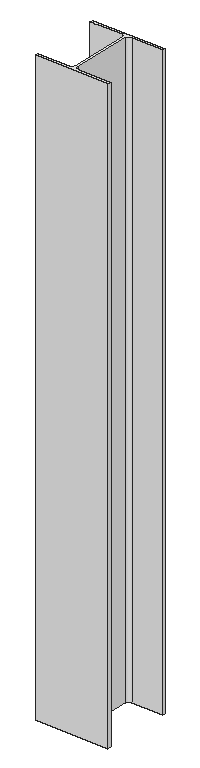
Revit family
Parameters (values of type "UBP305x305x79")
  Column Material = Metal - Steel - 345 MPa
  A = 0.01 m²
  W = 0.77375
  bf = 306 mm
  d = 299.2 mm
  k = 26.3 mm
  kr = k - tf  # 15.2 mm
  tf = 11.1 mm
  tw = 11.1 mm
Reference planes
  plane 1: y = 0
  plane 2: z = 0
  plane 3: x = 0
  plane 4: x = -153
  plane 5: x = 153
  plane 6: y = 149.6
  plane 7: y = -149.6
  plane 8: x = -3.969
  plane 9: x = 3.969
Forms (mm)
  Extrusion 1, solid, material "Metal - Steel - 345 MPa" <- "Column Material", detail levels medium
    sketch origin (0, 0, 0) x (1, 0, 0) y (0, 1, 0)
      loop
        line (-153, 149.6) -> (-153, 138.5) -> (-5.55, 138.5) -> (-5.55, -138.5) -> (-153, -138.5) -> (-153, -149.6) -> (153, -149.6) -> (153, -138.5) -> (5.55, -138.5) -> (5.55, 138.5) -> (153, 138.5) -> (153, 149.6) -> (-153, 149.6)
    from 0 to 2500
  Extrusion 2, solid, material "Metal - Steel - 345 MPa" <- "Column Material", detail levels fine
    sketch origin (0, 0, 0) x (1, 0, 0) y (0, 1, 0)
      loop
        line (-153, 149.6) -> (-153, 138.5) -> (-20.75, 138.5)
        arc (-20.75, 138.5) -> (-10.002, 134.048) -> (-5.55, 123.3) r 15.2
        line (-5.55, 123.3) -> (-5.55, -123.3)
        arc (-5.55, -123.3) -> (-10.002, -134.048) -> (-20.75, -138.5) r 15.2
        line (-20.75, -138.5) -> (-153, -138.5) -> (-153, -149.6) -> (153, -149.6) -> (153, -138.5) -> (20.75, -138.5)
        arc (20.75, -138.5) -> (10.002, -134.048) -> (5.55, -123.3) r 15.2
        line (5.55, -123.3) -> (5.55, 123.3)
        arc (5.55, 123.3) -> (10.002, 134.048) -> (20.75, 138.5) r 15.2
        line (20.75, 138.5) -> (153, 138.5) -> (153, 149.6) -> (-153, 149.6)
    from 0 to 2500
Lines and regions (mm)
  symbolic lines, style "StructuralColumnStickSymbols", detail levels coarse
    curve 1: line (-153, 149.6, 0) -> (153, 149.6, 0)
    curve 2: line (-153, -149.6, 0) -> (153, -149.6, 0)
    curve 3: line (0, 149.6, 0) -> (0, -149.6, 0)
  symbolic lines, style "Hidden Faces", detail levels medium+fine
    curve 4: line (-3.969, 0, 0) -> (-3.969, 0, 2500)
    curve 5: line (3.969, 0, 2500) -> (3.969, 0, 0)
Dimensions and locks
  equal spacing: plane 4, plane 3, plane 5
  equal spacing: plane 7, plane 1, plane 6
  "d": plane 7 to plane 6
  "bf": plane 4 to plane 5
  "tf": plane 7 to Extrusion 1 sketch curve
  "tf": Extrusion 1 sketch curve to plane 6
  equal spacing: Extrusion 1 sketch curve, plane 3, Extrusion 1 sketch curve
  "tw": Extrusion 1 sketch curve to Extrusion 1 sketch curve
  "kr": radius of Extrusion 2 sketch curve  (x4)
  aligned and locked: plane 6 to Extrusion 1 sketch curve
  aligned and locked: Extrusion 1 sketch curve to plane 7
  aligned and locked: Extrusion 1 sketch curve to plane 4  (x2)
  aligned and locked: plane 5 to Extrusion 1 sketch curve  (x2)
  aligned and locked: Extrusion 1 sketch curve to Extrusion 1 sketch curve  (x2)
  aligned and locked: level to Extrusion 1
  aligned and locked: level to plane 2
  aligned and locked: Extrusion 1 to plane 2
  aligned and locked: plane 6 to Extrusion 2 sketch curve
  aligned and locked: plane 5 to Extrusion 2 sketch curve  (x2)
  aligned and locked: Extrusion 2 sketch curve to plane 4  (x2)
  aligned and locked: Extrusion 2 sketch curve to Extrusion 1  (x6)
  aligned and locked: Extrusion 2 sketch curve to plane 7
  aligned and locked: level to Extrusion 2
  aligned and locked: Extrusion 2 to level
Automatic sketch dimensions
  curve 2 to plane 4 = 0 mm
  curve 1 to plane 4 = 0 mm
  curve 3 to plane 3 = 0 mm
  curve 2 to plane 5 = 0 mm
  curve 1 to plane 5 = 0 mm
  curve 3 to plane 7 = 0 mm
  curve 3 to plane 6 = 0 mm
  curve 4 to level = 0 mm  (x2)
  curve 4 to plane 8 = 0 mm
  curve 5 to level = 0 mm  (x2)
  curve 5 to plane 9 = 0 mm
